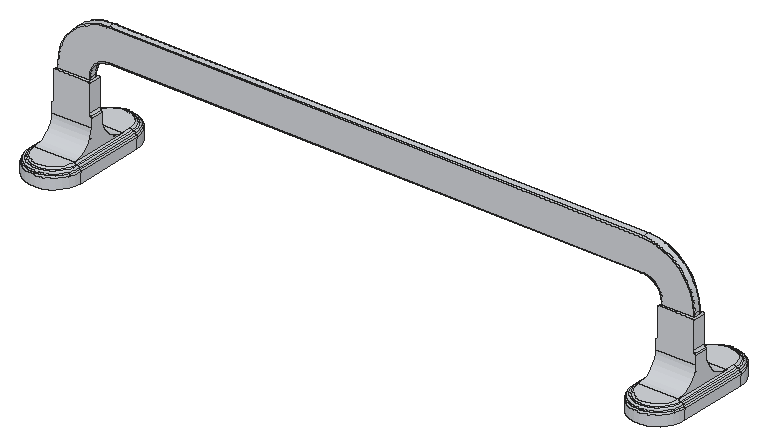
Revit family "Accessory-Towel_Bar-KOHLER-Industrial-K-26533", category Specialty Equipment, host Face, Revit 2021
Family settings
  Host = Face
  Round Connector Dimension = Use Diameter
  Part Type = Normal
  OmniClass Number = 23.31.25.25
  OmniClass Title = Towel Bars
  Cut with Voids When Loaded = No
  Shared = No
  Room Calculation Point = No
Parameters (values of type "CP-Polished Chrome")
  Width = 3 241/256"  # constant formula
  WaterSense Certified = 1 = 0  # no
  URL = "https://www.us.kohler.com/us/"
  Type = 3
  Product Page URL = "http://www.us.kohler.com/us/catalog/productDetails.jsp?productId=26533"
  Product Name = "Industrial"  # constant formula
  Product Documentation Link = "https://www.us.kohler.com/webassets/kpna/catalog/pdf/en/K-26533_spec_US-CA_Kohler_en.pdf"
  Model = if(Type = 1, "K-26533-2BZ", if(Type = 2, "K-26533-BN", if(Type = 3, "K-26533-CP", "NA")))  # "K-26533-CP"
  Material = "Premium Metal Construction"  # constant formula
  Master Format 2014 Name = "Toilet, Bath, and Laundry Accessories"  # constant formula
  Master Format 2014 = "10 28 00"  # constant formula
  Manufacturer Address = "444 Highland Dr, Kohler, WI 53044"  # constant formula
  Manufacturer = "Kohler Co."  # constant formula
  Length = 19 37/64"  # constant formula
  Height = 3 85/128"  # constant formula
  Finish = Kohler-Metal-CP-Polished_Chrome
  Environmental Product Declaration = ""
  Description = "18Inch towel bar"  # constant formula
  Default Elevation = 42"
  Declare Label = ""
  Date Modified = "01/02/2023"  # constant formula
  Date Created = "01/02/2023"  # constant formula
  Copyright = "Copyright Kohler Co."  # constant formula
  Contact Us = "https://www.us.kohler.com/us/static/contact.jsp"
  Assembly Code = "C1030200"
  ADA Compliant = 1 = 0  # no
Types (4): name | Type | Model | Finish
  (no name) | 3 | "K-26533-CP" | Kohler-Metal-CP-Polished_Chrome
  2BZ-Oil Rubbed Bronze | 1 | "K-26533-2BZ" | Kohler-Metal-2BZ-Oil_Rubbed_Bronze
  BN-Vibrant Brushed Nickel | 2 | "K-26533-BN" | Kohler-Metal-BN-Vibrant_Brushed_Nickel
  CP-Polished Chrome | 3 | "K-26533-CP" | Kohler-Metal-CP-Polished_Chrome
Reference planes (in)
  plane 1 "Center (Front/Back)": y = 0
  plane 2: z = 0
  plane 3 "Center (Left/Right)": x = 0
  plane 4: y = 2.0369
  plane 5: y = -1.62716
  plane 6: x = -9.78937
  plane 7: x = 9.78875
  plane 8: x = -8.21063
  plane 9: x = 8.21063
  plane 10: y = 0.11811
  plane 11: y = -0.11811
  plane 12: x = -9
  plane 13: x = 9
  plane 14: z = 3.94141
  plane 15: z = 2.95715
Dimensions and locks (in)
  "Length": plane 6 to plane 7
  "Height": plane 4 to plane 5
  "Width": level to plane 14
  plane 6 to plane 8 = 1.57874"
  plane 10 to plane 11 = 0.23622"
  plane 14 to level = 3 241/256"
  plane 14 to plane 15 = 0.98425"
  plane 12 to plane 13 = 18"
  aligned and locked: plane 2 to host face
  aligned and locked: level to host face
  aligned and locked: plane 3 "Center (Left/Right)" to nested 1
  aligned and locked: plane 1 "Center (Front/Back)" to nested 1
Automatic sketch dimensions
  host sketch curve to host sketch curve = 96"  (x2)
Nested families (in)
  nested 1: "K-26533" at (0, 0, 0), type "K-26533"
Definition of nested family "K-26533"
  Parameters
    Material = none
    Default Elevation = 0"
  Reference planes (in)
    plane 1 "Center (Front/Back)": y = 0
    plane 2: z = 0
    plane 3 "Center (Left/Right)": x = 0
    plane 4: x = -9.78937
    plane 5: x = 9.78937
    plane 6: x = -8.21063
    plane 7: x = 8.21063
    plane 8: y = -0.11811
    plane 9: y = 0.11811
    plane 10: x = -9
    plane 11: x = 9
    plane 12: z = 3.94094
    plane 13: z = 2.95669
    plane 14: y = 2.0369
    plane 15: y = -1.62809
  Forms (in)
    Sweep 1, solid, material <- "Material", detail levels medium+fine
      path origin (0, 0, 0) x (1, 0, 0) y (0, 1, 0)
        loop
          line (-9.78937, 1.25143) -> (-9.78937, -0.83661)
          arc (-9.78937, -0.83661) -> (-9, -1.62598) -> (-8.21063, -0.83661) r 0.78937
          line (-8.21063, -0.83661) -> (-8.21063, 1.25143)
          arc (-8.21063, 1.25143) -> (-9, 2.0408) -> (-9.78937, 1.25143) r 0.78937
      profile origin (-8.21063, -0.83661, 0) x (-1, 0, 0) y (0, 0, 1)
        loop
          line (0, 0.30674) -> (0, 0) -> (0.24274, 0) -> (0.24274, 0.48854) -> (0.19914, 0.48854)
          arc (0.19914, 0.48854) -> (0.17455, 0.46857) -> (0.15303, 0.44532) r 0.22303
          arc (0.15303, 0.44532) -> (0.12799, 0.42735) -> (0.09727, 0.425) r 0.05716
          arc (0.09727, 0.425) -> (0.06244, 0.41536) -> (0.04943, 0.38165) r 0.04018
          arc (0.04943, 0.38165) -> (0.04434, 0.35985) -> (0.02701, 0.34568) r 0.03477
          arc (0.02701, 0.34568) -> (0.00741, 0.33043) -> (0, 0.30674) r 0.04157
    Sweep 2, solid, material <- "Material", detail levels medium+fine
      path origin (0, 0, 0) x (-1, 0, 0) y (0, -1, 0)
        loop
          arc (-9.78937, -1.25143) -> (-9, -2.0408) -> (-8.21063, -1.25143) r 0.78937
          line (-8.21063, -1.25143) -> (-8.21063, 0.83661)
          arc (-8.21063, 0.83661) -> (-9, 1.62598) -> (-9.78937, 0.83661) r 0.78937
          line (-9.78937, 0.83661) -> (-9.78937, -1.25143)
      profile origin (8.21063, -0.83661, 0) x (-1, 0, 0) y (0, 0, 1)
        loop
          arc (0, 0.30674) -> (-0.00741, 0.33043) -> (-0.02701, 0.34568) r 0.04157
          arc (-0.02701, 0.34568) -> (-0.04434, 0.35985) -> (-0.04943, 0.38165) r 0.03477
          arc (-0.04943, 0.38165) -> (-0.06244, 0.41536) -> (-0.09727, 0.425) r 0.04018
          arc (-0.09727, 0.425) -> (-0.12799, 0.42735) -> (-0.15303, 0.44532) r 0.05716
          arc (-0.15303, 0.44532) -> (-0.17455, 0.46857) -> (-0.19914, 0.48854) r 0.22303
          line (-0.19914, 0.48854) -> (-0.24274, 0.48854) -> (-0.24274, 0) -> (0, 0) -> (0, 0.30674)
    Extrusion 3, solid, material <- "Material", detail levels medium+fine
      sketch origin (0, 0, 0) x (1, 0, 0) y (0, 1, 0)
        loop
          arc (-8.45337, 1.25143) -> (-9, 1.79806) -> (-9.54663, 1.25143) r 0.54663
          line (-9.54663, 1.25143) -> (-9.54663, -0.83661)
          arc (-9.54663, -0.83661) -> (-9, -1.38324) -> (-8.45337, -0.83661) r 0.54663
          line (-8.45337, -0.83661) -> (-8.45337, 1.25143)
        loop
          line (8.45337, 1.25143) -> (8.45337, -0.83661)
          arc (8.45337, -0.83661) -> (9, -1.38324) -> (9.54663, -0.83661) r 0.54663
          line (9.54663, -0.83661) -> (9.54663, 1.25143)
          arc (9.54663, 1.25143) -> (9, 1.79806) -> (8.45337, 1.25143) r 0.54663
      from 0 to 0.48854
    Extrusion 4, solid, material <- "Material", detail levels medium+fine
      sketch origin (0, 0, 0) x (1, 0, 0) y (0, 0, 1)
        loop
          line (-8.97187, 2.32506) -> (-9.49078, 2.32506)
          arc (-9.49078, 2.32506) -> (-9.5197, 2.31308) -> (-9.53167, 2.28416) r 0.0409
          line (-9.53167, 2.28416) -> (-9.53167, 1.49676)
          arc (-9.53167, 1.49676) -> (-9.54217, 1.44915) -> (-9.57171, 1.41036) r 0.11323
          arc (-9.57171, 1.41036) -> (-9.58798, 1.38901) -> (-9.59376, 1.3628) r 0.06234
          line (-9.59376, 1.3628) -> (-9.59376, 0.22515) -> (-9.04016, 0.22515) -> (-8.40624, 0.22515) -> (-8.40624, 1.3628)
          arc (-8.40624, 1.3628) -> (-8.41202, 1.38901) -> (-8.42829, 1.41036) r 0.06234
          arc (-8.42829, 1.41036) -> (-8.45783, 1.44915) -> (-8.46833, 1.49676) r 0.11323
          line (-8.46833, 1.49676) -> (-8.46833, 2.28416)
          arc (-8.46833, 2.28416) -> (-8.4803, 2.31308) -> (-8.50922, 2.32506) r 0.0409
          line (-8.50922, 2.32506) -> (-8.97187, 2.32506)
      from -0.19001 to 0.18557
    Extrusion 5, solid, material <- "Material", detail levels medium+fine
      sketch origin (0, 0, 0) x (-1, 0, 0) y (0, 0, -1)
        loop
          line (-8.97187, -2.32506) -> (-8.50922, -2.32506)
          arc (-8.50922, -2.32506) -> (-8.4803, -2.31308) -> (-8.46833, -2.28416) r 0.0409
          line (-8.46833, -2.28416) -> (-8.46833, -1.49676)
          arc (-8.46833, -1.49676) -> (-8.45783, -1.44915) -> (-8.42829, -1.41036) r 0.11323
          arc (-8.42829, -1.41036) -> (-8.41202, -1.38901) -> (-8.40624, -1.3628) r 0.06234
          line (-8.40624, -1.3628) -> (-8.40624, -0.22515) -> (-9.04016, -0.22515) -> (-9.59376, -0.22515) -> (-9.59376, -1.3628)
          arc (-9.59376, -1.3628) -> (-9.58798, -1.38901) -> (-9.57171, -1.41036) r 0.06234
          arc (-9.57171, -1.41036) -> (-9.54217, -1.44915) -> (-9.53167, -1.49676) r 0.11323
          line (-9.53167, -1.49676) -> (-9.53167, -2.28416)
          arc (-9.53167, -2.28416) -> (-9.5197, -2.31308) -> (-9.49078, -2.32506) r 0.0409
          line (-9.49078, -2.32506) -> (-8.97187, -2.32506)
      from -0.19001 to 0.18557
    Extrusion 6, solid, material <- "Material", detail levels medium+fine
      sketch origin (0, 0, 0) x (0, 1, 0) y (0, 0, 1)
        loop
          line (-0.18557, 0.48854) -> (-0.18557, 1.11807)
          arc (-0.18557, 1.11807) -> (-0.36996, 0.67292) -> (-0.81511, 0.48854) r 0.62953
          line (-0.81511, 0.48854) -> (-0.18557, 0.48854)
      from 8.40624 to 9.59376
    Extrusion 7, solid, material <- "Material", detail levels medium+fine
      sketch origin (0, 0, 0) x (0, 1, 0) y (0, 0, -1)
        loop
          line (-0.18557, -0.48854) -> (-0.81511, -0.48854)
          arc (-0.81511, -0.48854) -> (-0.36996, -0.67292) -> (-0.18557, -1.11807) r 0.62953
          line (-0.18557, -1.11807) -> (-0.18557, -0.48854)
      from 8.40624 to 9.59376
    Extrusion 8, solid, material <- "Material", detail levels medium+fine
      sketch origin (0, 0, 0) x (0, 1, 0) y (0, 0, 1)
        loop
          line (0.19001, 0.48854) -> (0.97741, 0.48854)
          arc (0.97741, 0.48854) -> (0.42063, 0.71916) -> (0.19001, 1.27594) r 0.7874
          line (0.19001, 1.27594) -> (0.19001, 0.48854)
      from 8.40624 to 9.59376
    Extrusion 9, solid, material <- "Material", detail levels medium+fine
      sketch origin (0, 0, 0) x (0, 1, 0) y (0, 0, -1)
        loop
          line (0.19001, -0.48854) -> (0.19001, -1.27594)
          arc (0.19001, -1.27594) -> (0.42063, -0.71916) -> (0.97741, -0.48854) r 0.7874
          line (0.97741, -0.48854) -> (0.19001, -0.48854)
      from 8.40624 to 9.59376
    Extrusion 10, solid, material <- "Material", detail levels coarse
      sketch origin (0, 0, 0) x (1, 0, 0) y (0, 1, 0)
        loop
          line (-8.16757, -0.83661) -> (-8.16757, 1.25143)
          arc (-8.16757, 1.25143) -> (-9.00308, 2.08694) -> (-9.83858, 1.25143) r 0.83551
          line (-9.83858, 1.25143) -> (-9.83858, -0.83661)
          arc (-9.83858, -0.83661) -> (-9.00308, -1.67212) -> (-8.16757, -0.83661) r 0.83551
      from 0 to 0.51565
    Extrusion 11, solid, material <- "Material", detail levels coarse
      sketch origin (0, 0, 0) x (-1, 0, 0) y (0, -1, 0)
        loop
          arc (-8.16757, 0.83661) -> (-9.00308, 1.67212) -> (-9.83858, 0.83661) r 0.83551
          line (-9.83858, 0.83661) -> (-9.83858, -1.25143)
          arc (-9.83858, -1.25143) -> (-9.00308, -2.08694) -> (-8.16757, -1.25143) r 0.83551
          line (-8.16757, -1.25143) -> (-8.16757, 0.83661)
      from 0 to 0.51565
    Extrusion 12, solid, material <- "Material", detail levels coarse
      sketch origin (0, 0, 0) x (1, 0, 0) y (0, 0, 1)
        loop
          line (-9.66308, 2.41081) -> (-9.66308, 0.45799) -> (-8.34923, 0.45799) -> (-8.34923, 2.41081) -> (-9.66308, 2.41081)
      from -0.87624 to 0.79136
    Extrusion 13, solid, material <- "Material", detail levels coarse
      sketch origin (0, 0, 0) x (-1, 0, 0) y (0, 0, -1)
        loop
          line (-9.66308, -2.41081) -> (-8.34923, -2.41081) -> (-8.34923, -0.45799) -> (-9.66308, -0.45799) -> (-9.66308, -2.41081)
      from -0.87624 to 0.79136
    Extrusion 14, solid, material <- "Material", detail levels coarse
      sketch origin (0, 0, 0) x (1, 0, 0) y (0, 0, 1)
        loop
          line (-8.40415, 2.3616) -> (-8.40415, 2.63741)
          arc (-8.40415, 2.63741) -> (-8.32505, 2.82838) -> (-8.13408, 2.90748) r 0.27007
          line (-8.13408, 2.90748) -> (-0.05586, 2.90748) -> (8.13408, 2.90748)
          arc (8.13408, 2.90748) -> (8.32505, 2.82838) -> (8.40415, 2.63741) r 0.27007
          line (8.40415, 2.63741) -> (8.40415, 2.3616) -> (9.59585, 2.3616) -> (9.59585, 2.49262)
          arc (9.59585, 2.49262) -> (9.15723, 3.55154) -> (8.09832, 3.99016) r 1.49753
          line (8.09832, 3.99016) -> (-0.02833, 3.99016) -> (-8.09832, 3.99016)
          arc (-8.09832, 3.99016) -> (-9.15723, 3.55154) -> (-9.59585, 2.49262) r 1.49753
          line (-9.59585, 2.49262) -> (-9.59585, 2.3616) -> (-8.40415, 2.3616)
      from -0.22731 to 0.21999
    Sweep 15, solid, material <- "Material", detail levels medium+fine
      path origin (0, 0, 0) x (1, 0, 0) y (0, 0, 1)
        loop
          line (-8.50704, 2.32506) -> (-8.50704, 2.40985)
          arc (-8.50704, 2.40985) -> (-8.34687, 2.79653) -> (-7.96019, 2.95669) r 0.54685
          line (-7.96019, 2.95669) -> (7.96019, 2.95669)
          arc (7.96019, 2.95669) -> (8.34687, 2.79653) -> (8.50704, 2.40985) r 0.54685
          line (8.50704, 2.40985) -> (8.50704, 2.32506)
      profile origin (0, 0, 2.95669) x (0, 0, 1) y (0, -1, 0)
        loop
          line (0.02165, -0.11811) -> (0.96246, -0.11811)
          arc (0.96246, -0.11811) -> (0.97787, -0.11173) -> (0.98425, -0.09632) r 0.02179
          line (0.98425, -0.09632) -> (0.98425, 0.09646)
          arc (0.98425, 0.09646) -> (0.97791, 0.11177) -> (0.9626, 0.11811) r 0.02165
          line (0.9626, 0.11811) -> (0.02165, 0.11811)
          arc (0.02165, 0.11811) -> (0.00634, 0.11177) -> (0, 0.09646) r 0.02165
          line (0, 0.09646) -> (0, -0.09646)
          arc (0, -0.09646) -> (0.00634, -0.11177) -> (0.02165, -0.11811) r 0.02165
  Cuts and joins
    joined: Sweep 1, Sweep 2, Extrusion 3, Extrusion 4, Extrusion 5, Extrusion 6, Extrusion 7, Extrusion 8, Extrusion 9
    joined: Extrusion 10, Extrusion 11, Extrusion 12, Extrusion 13, Extrusion 14
  Lines and regions (in)
    Masking region 1
      outline origin (0, 0, 0) x (1, 0, 0) y (0, 0, 1)
        loop
          line (-9.78937, 0) -> (-9, 0) -> (-8.21063, 0) -> (-8.21063, 0.2989)
          arc (-8.21063, 0.2989) -> (-8.21943, 0.32856) -> (-8.24299, 0.34862) r 0.05438
          arc (-8.24299, 0.34862) -> (-8.25988, 0.36325) -> (-8.26568, 0.38484) r 0.03815
          arc (-8.26568, 0.38484) -> (-8.27621, 0.41301) -> (-8.30358, 0.42549) r 0.0393
          line (-8.30358, 0.42549) -> (-8.33518, 0.42549)
          arc (-8.33518, 0.42549) -> (-8.35816, 0.43501) -> (-8.36768, 0.45799) r 0.0325
          line (-8.36768, 0.45799) -> (-8.36768, 1.30247)
          arc (-8.36768, 1.30247) -> (-8.37763, 1.33994) -> (-8.40484, 1.36754) r 0.07554
          arc (-8.40484, 1.36754) -> (-8.44535, 1.41402) -> (-8.44997, 1.4755) r 0.09772
          line (-8.44997, 1.4755) -> (-8.44997, 2.36961)
          arc (-8.44997, 2.36961) -> (-8.46039, 2.39712) -> (-8.48643, 2.41081) r 0.0415
          arc (-8.48643, 2.41081) -> (-8.50286, 2.42009) -> (-8.50791, 2.43826) r 0.02465
          arc (-8.50791, 2.43826) -> (-8.50197, 2.52389) -> (-8.49471, 2.60942) r 5.56738
          arc (-8.49471, 2.60942) -> (-8.4652, 2.73186) -> (-8.40209, 2.84085) r 0.43826
          arc (-8.40209, 2.84085) -> (-8.36726, 2.87437) -> (-8.32472, 2.89734) r 0.1789
          arc (-8.32472, 2.89734) -> (-8.16414, 2.94173) -> (-7.9982, 2.95669) r 0.9278
          line (-7.9982, 2.95669) -> (-0.26888, 2.95669) -> (7.9982, 2.95669)
          arc (7.9982, 2.95669) -> (8.16414, 2.94173) -> (8.32472, 2.89734) r 0.9278
          arc (8.32472, 2.89734) -> (8.36726, 2.87437) -> (8.40209, 2.84085) r 0.1789
          arc (8.40209, 2.84085) -> (8.4652, 2.73186) -> (8.49471, 2.60942) r 0.43826
          arc (8.49471, 2.60942) -> (8.50197, 2.52389) -> (8.50791, 2.43826) r 5.56738
          arc (8.50791, 2.43826) -> (8.50286, 2.42009) -> (8.48643, 2.41081) r 0.02465
          arc (8.48643, 2.41081) -> (8.46039, 2.39712) -> (8.44997, 2.36961) r 0.0415
          line (8.44997, 2.36961) -> (8.44997, 1.4755)
          arc (8.44997, 1.4755) -> (8.44535, 1.41402) -> (8.40484, 1.36754) r 0.09772
          arc (8.40484, 1.36754) -> (8.37763, 1.33994) -> (8.36768, 1.30247) r 0.07554
          line (8.36768, 1.30247) -> (8.36768, 0.45799)
          arc (8.36768, 0.45799) -> (8.35816, 0.43501) -> (8.33518, 0.42549) r 0.0325
          line (8.33518, 0.42549) -> (8.30358, 0.42549)
          arc (8.30358, 0.42549) -> (8.27621, 0.41301) -> (8.26568, 0.38484) r 0.0393
          arc (8.26568, 0.38484) -> (8.25988, 0.36325) -> (8.24299, 0.34862) r 0.03815
          arc (8.24299, 0.34862) -> (8.21943, 0.32856) -> (8.21063, 0.2989) r 0.05438
          line (8.21063, 0.2989) -> (8.21063, 0) -> (9, 0) -> (9.78937, 0) -> (9.78937, 0.2989)
          arc (9.78937, 0.2989) -> (9.78057, 0.32856) -> (9.75701, 0.34862) r 0.05438
          arc (9.75701, 0.34862) -> (9.74012, 0.36325) -> (9.73432, 0.38484) r 0.03815
          arc (9.73432, 0.38484) -> (9.72379, 0.41301) -> (9.69642, 0.42549) r 0.0393
          line (9.69642, 0.42549) -> (9.66482, 0.42549)
          arc (9.66482, 0.42549) -> (9.64184, 0.43501) -> (9.63232, 0.45799) r 0.0325
          line (9.63232, 0.45799) -> (9.63232, 1.30247)
          arc (9.63232, 1.30247) -> (9.62237, 1.33994) -> (9.59516, 1.36754) r 0.07554
          arc (9.59516, 1.36754) -> (9.55465, 1.41402) -> (9.55003, 1.4755) r 0.09772
          line (9.55003, 1.4755) -> (9.55003, 2.36961)
          arc (9.55003, 2.36961) -> (9.53961, 2.39712) -> (9.51357, 2.41081) r 0.0415
          arc (9.51357, 2.41081) -> (9.49743, 2.41973) -> (9.492, 2.43736) r 0.02465
          arc (9.492, 2.43736) -> (9.16497, 3.45645) -> (8.21063, 3.94094) r 1.38981
          line (8.21063, 3.94094) -> (-0.2439, 3.94094) -> (-8.21063, 3.94094)
          arc (-8.21063, 3.94094) -> (-9.16497, 3.45645) -> (-9.492, 2.43736) r 1.38981
          arc (-9.492, 2.43736) -> (-9.49743, 2.41973) -> (-9.51357, 2.41081) r 0.02465
          arc (-9.51357, 2.41081) -> (-9.53961, 2.39712) -> (-9.55003, 2.36961) r 0.0415
          line (-9.55003, 2.36961) -> (-9.55003, 1.4755)
          arc (-9.55003, 1.4755) -> (-9.55465, 1.41402) -> (-9.59516, 1.36754) r 0.09772
          arc (-9.59516, 1.36754) -> (-9.62237, 1.33994) -> (-9.63232, 1.30247) r 0.07554
          line (-9.63232, 1.30247) -> (-9.63232, 0.45799)
          arc (-9.63232, 0.45799) -> (-9.64184, 0.43501) -> (-9.66482, 0.42549) r 0.0325
          line (-9.66482, 0.42549) -> (-9.69642, 0.42549)
          arc (-9.69642, 0.42549) -> (-9.72379, 0.41301) -> (-9.73432, 0.38484) r 0.0393
          arc (-9.73432, 0.38484) -> (-9.74012, 0.36325) -> (-9.75701, 0.34862) r 0.03815
          arc (-9.75701, 0.34862) -> (-9.78057, 0.32856) -> (-9.78937, 0.2989) r 0.05438
          line (-9.78937, 0.2989) -> (-9.78937, 0)
    Masking region 2
      outline origin (0, 0, 0) x (1, 0, 0) y (0, 1, 0)
        loop
          line (-9.78937, 1.25143) -> (-9.78937, -0.83661)
          arc (-9.78937, -0.83661) -> (-9, -1.62598) -> (-8.21063, -0.83661) r 0.78937
          line (-8.21063, -0.83661) -> (-8.21063, -0.11811) -> (8.21063, -0.11811) -> (8.21063, -0.83661)
          arc (8.21063, -0.83661) -> (9, -1.62598) -> (9.78937, -0.83661) r 0.78937
          line (9.78937, -0.83661) -> (9.78937, 1.25143)
          arc (9.78937, 1.25143) -> (9, 2.0408) -> (8.21063, 1.25143) r 0.78937
          line (8.21063, 1.25143) -> (8.21063, 0.11811) -> (-8.21063, 0.11811) -> (-8.21063, 1.25143)
          arc (-8.21063, 1.25143) -> (-9, 2.0408) -> (-9.78937, 1.25143) r 0.78937
    Masking region 3
      outline origin (0, 0, 0) x (0, 1, 0) y (0, 0, 1)
        loop
          line (0.01418, 3.94094) -> (-0.06292, 3.94094)
          arc (-0.06292, 3.94094) -> (-0.10195, 3.92478) -> (-0.11811, 3.88576) r 0.05519
          line (-0.11811, 3.88576) -> (-0.11811, 2.43076)
          arc (-0.11811, 2.43076) -> (-0.12388, 2.41684) -> (-0.1378, 2.41108) r 0.01969
          arc (-0.1378, 2.41108) -> (-0.17403, 2.40055) -> (-0.18974, 2.36624) r 0.04532
          line (-0.18974, 2.36624) -> (-0.18974, 1.31244)
          arc (-0.18974, 1.31244) -> (-0.20973, 1.07881) -> (-0.26911, 0.85196) r 1.37542
          arc (-0.26911, 0.85196) -> (-0.44689, 0.60394) -> (-0.72939, 0.48854) r 0.5511
          line (-0.72939, 0.48854) -> (-1.41603, 0.48854)
          arc (-1.41603, 0.48854) -> (-1.44207, 0.48061) -> (-1.45929, 0.45953) r 0.04676
          arc (-1.45929, 0.45953) -> (-1.48224, 0.4326) -> (-1.51667, 0.42446) r 0.05685
          arc (-1.51667, 0.42446) -> (-1.55906, 0.41096) -> (-1.57948, 0.37144) r 0.05812
          arc (-1.57948, 0.37144) -> (-1.58582, 0.35454) -> (-1.60005, 0.34345) r 0.03325
          arc (-1.60005, 0.34345) -> (-1.62043, 0.32686) -> (-1.62809, 0.30172) r 0.04507
          line (-1.62809, 0.30172) -> (-1.62809, 0) -> (2.0369, 0) -> (2.0369, 0.31743)
          arc (2.0369, 0.31743) -> (2.03128, 0.33405) -> (2.01672, 0.34384) r 0.02736
          arc (2.01672, 0.34384) -> (1.99758, 0.35743) -> (1.9918, 0.38017) r 0.03403
          arc (1.9918, 0.38017) -> (1.98148, 0.41176) -> (1.95112, 0.42526) r 0.04089
          line (1.95112, 0.42526) -> (1.91146, 0.42526)
          arc (1.91146, 0.42526) -> (1.8875, 0.43393) -> (1.87463, 0.45591) r 0.03746
          arc (1.87463, 0.45591) -> (1.86141, 0.47849) -> (1.83682, 0.48738) r 0.03845
          line (1.83682, 0.48738) -> (1.23017, 0.48738)
          arc (1.23017, 0.48738) -> (1.0451, 0.49644) -> (0.86188, 0.52404) r 1.84268
          arc (0.86188, 0.52404) -> (0.68267, 0.5763) -> (0.5147, 0.65775) r 1.11386
          arc (0.5147, 0.65775) -> (0.38113, 0.76576) -> (0.28392, 0.90738) r 0.59596
          arc (0.28392, 0.90738) -> (0.21359, 1.10451) -> (0.18974, 1.31244) r 0.91811
          line (0.18974, 1.31244) -> (0.18974, 2.36624)
          arc (0.18974, 2.36624) -> (0.17403, 2.40055) -> (0.1378, 2.41108) r 0.04532
          arc (0.1378, 2.41108) -> (0.12388, 2.41684) -> (0.11811, 2.43076) r 0.01969
          line (0.11811, 2.43076) -> (0.11811, 3.88576)
          arc (0.11811, 3.88576) -> (0.10195, 3.92478) -> (0.06292, 3.94094) r 0.05519
          line (0.06292, 3.94094) -> (0.01418, 3.94094)
    symbolic lines, detail levels medium+fine
      curve 1: arc (-9.59023, 1.25143, 0) -> (-9, 1.84166, 0) -> (-8.40977, 1.25143, 0) r 0.59023
      curve 2: line (-9.59376, 1.25143, 0) -> (-9.59376, -0.83661, 0)
      curve 3: line (-8.40624, -0.83661, 0) -> (-8.40624, -0.11811, 0)
      curve 4: arc (-8.40977, -0.83661, 0) -> (-9, -1.42684, 0) -> (-9.59023, -0.83661, 0) r 0.59023
      curve 5: line (-9.73597, 1.25143, 0) -> (-9.73597, -0.86565, 0)
      curve 6: line (-8.26403, 1.25143, 0) -> (-8.26403, 0.11811, 0)
      curve 7: arc (-8.26403, 1.25143, 0) -> (-9, 1.9874, 0) -> (-9.73597, 1.25143, 0) r 0.73597
      curve 8: arc (-9.73597, -0.86565, 0) -> (-9, -1.60162, 0) -> (-8.26403, -0.86565, 0) r 0.73597
      curve 9: line (-8.40624, 0.19001, 0) -> (-9.59376, 0.19001, 0)
      curve 10: line (-9.59376, -0.18557, 0) -> (-8.40624, -0.18557, 0)
      curve 11: line (-9.48092, 0.19001, 0) -> (-9.48092, -0.18557, 0)
      curve 12: line (-8.51908, 0.19001, 0) -> (-8.51908, 0.11811, 0)
      curve 13: line (9.48092, 0.11811, 0) -> (-9.48092, 0.11811, 0)
      curve 14: line (-9.48092, -0.11811, 0) -> (9.48092, -0.11811, 0)
      curve 15: line (-8.51908, -0.11811, 0) -> (-8.51908, -0.18557, 0)
      curve 16: line (9.48092, -0.18557, 0) -> (9.48092, 0.19001, 0)
      curve 17: line (9.59376, 0.19001, 0) -> (8.40624, 0.19001, 0)
      curve 18: line (8.40624, -0.18557, 0) -> (9.59376, -0.18557, 0)
      curve 19: line (8.51908, -0.18557, 0) -> (8.51908, -0.11811, 0)
      curve 20: line (8.51908, 0.11811, 0) -> (8.51908, 0.19001, 0)
      curve 21: line (-8.40624, 0.11811, 0) -> (-8.40624, 1.25143, 0)
      curve 22: line (-8.26403, -0.11811, 0) -> (-8.26403, -0.86565, 0)
      curve 23: arc (9.59023, 1.25143, 0) -> (9, 1.84166, 0) -> (8.40977, 1.25143, 0) r 0.59023
      curve 24: line (9.59376, 1.25143, 0) -> (9.59376, -0.83661, 0)
      curve 25: line (8.40624, -0.83661, 0) -> (8.40624, -0.11811, 0)
      curve 26: arc (8.40977, -0.83661, 0) -> (9, -1.42684, 0) -> (9.59023, -0.83661, 0) r 0.59023
      curve 27: line (9.73597, 1.25143, 0) -> (9.73597, -0.86565, 0)
      curve 28: line (8.26403, 1.25143, 0) -> (8.26403, 0.11811, 0)
      curve 29: arc (8.26403, 1.25143, 0) -> (9, 1.9874, 0) -> (9.73597, 1.25143, 0) r 0.73597
      curve 30: arc (9.73597, -0.86565, 0) -> (9, -1.60162, 0) -> (8.26403, -0.86565, 0) r 0.73597
      curve 31: line (8.40624, 0.11811, 0) -> (8.40624, 1.25143, 0)
      curve 32: line (8.26403, -0.11811, 0) -> (8.26403, -0.86565, 0)
      curve 33: line (-9.48092, 0.0904, 0) -> (9.48092, 0.0904, 0)
      curve 34: line (-9.48092, -0.0904, 0) -> (9.48092, -0.0904, 0)
      curve 35: line (-9.45064, 0.0904, 0) -> (-9.45064, -0.0904, 0)
      curve 36: line (9.45064, 0.0904, 0) -> (9.45064, -0.0904, 0)
      curve 37: line (-9.72171, 0, 0.38484) -> (-8.27829, 0, 0.38484)
      curve 38: line (-9.49299, 0, 2.41081) -> (-8.50684, 0, 2.41081)
      curve 39: line (-9.5333, 0, 2.36961) -> (-8.4667, 0, 2.36961)
      curve 40: line (-9.62085, 0, 0.45799) -> (-8.37915, 0, 0.45799)
      curve 41: line (-9.73859, 0, 0.34862) -> (-8.26141, 0, 0.34862)
      curve 42: line (-9.77081, 0, 0.30845) -> (-9.77081, 0, 0)
      curve 43: arc (-9.74822, 0, 0.34289) -> (-9.72843, 0, 0.35989) -> (-9.72172, 0, 0.3851) r 0.04411
      curve 44: line (-9.69121, 0, 0.41684) -> (-9.65472, 0, 0.41684)
      curve 45: arc (-9.65472, 0, 0.41684) -> (-9.62807, 0, 0.42942) -> (-9.62085, 0, 0.45799) r 0.03452
      curve 46: arc (-9.72172, 0, 0.3851) -> (-9.71322, 0, 0.40747) -> (-9.69121, 0, 0.41684) r 0.03053
      curve 47: line (-9.62085, 0, 0.45799) -> (-9.62085, 0, 1.29938)
      curve 48: arc (-9.62085, 0, 1.29938) -> (-9.61148, 0, 1.33355) -> (-9.586, 0, 1.35817) r 0.06702
      curve 49: arc (-9.586, 0, 1.35817) -> (-9.54077, 0, 1.40706) -> (-9.53412, 0, 1.47334) r 0.10481
      curve 50: line (-9.53412, 0, 1.47334) -> (-9.53412, 0, 2.36057)
      curve 51: arc (-9.53412, 0, 2.36057) -> (-9.52433, 0, 2.39037) -> (-9.49876, 0, 2.40856) r 0.05024
      curve 52: arc (-8.57442, 0, 3.85486) -> (-9.25436, 0, 3.30231) -> (-9.46862, 0, 2.45277) r 1.38981
      curve 53: arc (-9.46862, 0, 2.45277) -> (-9.47597, 0, 2.4254) -> (-9.49876, 0, 2.40856) r 0.04298
      curve 54: line (0, 0, 3.91634) -> (-8.23821, 0, 3.91634)
      curve 55: arc (-8.23821, 0, 3.91634) -> (-8.4091, 0, 3.90084) -> (-8.57442, 0, 3.85486) r 0.95001
      curve 56: line (-8.22765, 0, 0.30124) -> (-8.22765, 0, 0)
      curve 57: arc (-8.22765, 0, 0.30124) -> (-8.23591, 0, 0.32829) -> (-8.25787, 0, 0.34612) r 0.04844
      curve 58: arc (-8.25787, 0, 0.34612) -> (-8.27329, 0, 0.36289) -> (-8.27828, 0, 0.3851) r 0.04411
      curve 59: line (-8.30879, 0, 0.41684) -> (-8.34528, 0, 0.41684)
      curve 60: arc (-8.34528, 0, 0.41684) -> (-8.37193, 0, 0.42942) -> (-8.37915, 0, 0.45799) r 0.03452
      curve 61: arc (-8.27828, 0, 0.3851) -> (-8.28678, 0, 0.40747) -> (-8.30879, 0, 0.41684) r 0.03053
      curve 62: line (-8.37915, 0, 0.45799) -> (-8.37915, 0, 1.29938)
      curve 63: arc (-8.37915, 0, 1.29938) -> (-8.38852, 0, 1.33355) -> (-8.414, 0, 1.35817) r 0.06702
      curve 64: arc (-8.414, 0, 1.35817) -> (-8.45923, 0, 1.40706) -> (-8.46588, 0, 1.47334) r 0.10481
      curve 65: line (-8.46588, 0, 1.47334) -> (-8.46588, 0, 2.36057)
      curve 66: line (-8.36813, 0, 0.42549) -> (-9.63187, 0, 0.42549)
      curve 67: arc (-8.46588, 0, 2.36057) -> (-8.47777, 0, 2.39303) -> (-8.50783, 0, 2.41012) r 0.05024
      curve 68: arc (-8.50783, 0, 2.41012) -> (-8.51693, 0, 2.42112) -> (-8.51841, 0, 2.43531) r 0.02465
      curve 69: arc (-8.50394, 0, 2.62788) -> (-8.47443, 0, 2.75031) -> (-8.41132, 0, 2.8593) r 0.43826
      curve 70: arc (-8.51841, 0, 2.43531) -> (-8.51201, 0, 2.53166) -> (-8.50394, 0, 2.62788) r 5.56738
      curve 71: arc (-8.33395, 0, 2.91579) -> (-8.17337, 0, 2.96019) -> (-8.00743, 0, 2.97515) r 0.9278
      curve 72: arc (-8.41132, 0, 2.8593) -> (-8.37649, 0, 2.89282) -> (-8.33395, 0, 2.91579) r 0.1789
      curve 73: line (-8.00743, 0, 2.97515) -> (0, 0, 2.97515)
      curve 74: line (-9.78937, 0, 0.02282) -> (-8.21063, 0, 0.02282)
      curve 75: line (9.72171, 0, 0.38484) -> (8.27829, 0, 0.38484)
      curve 76: line (9.49299, 0, 2.41081) -> (8.50633, 0, 2.41081)
      curve 77: line (9.5333, 0, 2.36961) -> (8.4667, 0, 2.36961)
      curve 78: line (9.62085, 0, 0.45799) -> (8.37915, 0, 0.45799)
      curve 79: line (9.73859, 0, 0.34862) -> (8.26141, 0, 0.34862)
      curve 80: line (9.77081, 0, 0.30124) -> (9.77081, 0, 0)
      curve 81: arc (9.77081, 0, 0.30124) -> (9.76386, 0, 0.32624) -> (9.74502, 0, 0.34406) r 0.04844
      curve 82: arc (9.74517, 0, 0.34435) -> (9.72756, 0, 0.36134) -> (9.72172, 0, 0.3851) r 0.04411
      curve 83: line (9.69121, 0, 0.41684) -> (9.65472, 0, 0.41684)
      curve 84: arc (9.65472, 0, 0.41684) -> (9.62807, 0, 0.42942) -> (9.62085, 0, 0.45799) r 0.03452
      curve 85: arc (9.72172, 0, 0.3851) -> (9.71322, 0, 0.40747) -> (9.69121, 0, 0.41684) r 0.03053
      curve 86: line (9.62085, 0, 0.45799) -> (9.62085, 0, 1.29938)
      curve 87: arc (9.62085, 0, 1.29938) -> (9.61148, 0, 1.33355) -> (9.586, 0, 1.35817) r 0.06702
      curve 88: arc (9.586, 0, 1.35817) -> (9.54769, 0, 1.41018) -> (9.53412, 0, 1.47334) r 0.15375
      curve 89: line (9.53412, 0, 1.47334) -> (9.53412, 0, 2.36057)
      curve 90: arc (9.53412, 0, 2.36057) -> (9.52433, 0, 2.39037) -> (9.49876, 0, 2.40856) r 0.05024
      curve 91: arc (8.57442, 0, 3.85486) -> (9.25436, 0, 3.30231) -> (9.46862, 0, 2.45277) r 1.38981
      curve 92: arc (9.46862, 0, 2.45277) -> (9.47597, 0, 2.4254) -> (9.49876, 0, 2.40856) r 0.04298
      curve 93: line (0, 0, 3.91634) -> (8.23821, 0, 3.91634)
      curve 94: line (8.22765, 0, 0.30124) -> (8.22765, 0, 0)
      curve 95: arc (8.22765, 0, 0.30124) -> (8.23591, 0, 0.32829) -> (8.25787, 0, 0.34612) r 0.04844
      curve 96: arc (8.25787, 0, 0.34612) -> (8.27329, 0, 0.36289) -> (8.27828, 0, 0.3851) r 0.04411
      curve 97: line (8.30879, 0, 0.41684) -> (8.34528, 0, 0.41684)
      curve 98: arc (8.34528, 0, 0.41684) -> (8.37193, 0, 0.42942) -> (8.37915, 0, 0.45799) r 0.03452
      curve 99: arc (8.27828, 0, 0.3851) -> (8.28678, 0, 0.40747) -> (8.30879, 0, 0.41684) r 0.03053
      curve 100: line (8.37915, 0, 0.45799) -> (8.37915, 0, 1.29938)
      curve 101: arc (8.37915, 0, 1.29938) -> (8.38852, 0, 1.33355) -> (8.414, 0, 1.35817) r 0.06702
      curve 102: arc (8.414, 0, 1.35817) -> (8.45231, 0, 1.41018) -> (8.46588, 0, 1.47334) r 0.15375
      curve 103: line (8.46588, 0, 1.47334) -> (8.46588, 0, 2.36057)
      curve 104: line (8.36813, 0, 0.42549) -> (9.63187, 0, 0.42549)
      curve 105: arc (8.46588, 0, 2.36057) -> (8.47566, 0, 2.39035) -> (8.50118, 0, 2.40854) r 0.05024
      curve 106: arc (8.50394, 0, 2.62788) -> (8.47443, 0, 2.75031) -> (8.41132, 0, 2.8593) r 0.43826
      curve 107: arc (8.51851, 0, 2.43355) -> (8.51208, 0, 2.53078) -> (8.50394, 0, 2.62788) r 5.56738
      curve 108: arc (8.33395, 0, 2.91579) -> (8.17337, 0, 2.96019) -> (8.00743, 0, 2.97515) r 0.9278
      curve 109: arc (8.41132, 0, 2.8593) -> (8.37649, 0, 2.89282) -> (8.33395, 0, 2.91579) r 0.1789
      curve 110: line (8.00743, 0, 2.97515) -> (0, 0, 2.97515)
      curve 111: line (9.78937, 0, 0.02282) -> (8.21063, 0, 0.02282)
      curve 112: arc (8.50118, 0, 2.40854) -> (8.51415, 0, 2.41806) -> (8.51851, 0, 2.43355) r 0.02472
      curve 113: arc (-9.77081, 0, 0.30845) -> (-9.76466, 0, 0.32904) -> (-9.74822, 0, 0.34289) r 0.03755
      curve 114: line (0, 0.14441, 2.41108) -> (0, -0.14441, 2.41108)
      curve 115: line (0, 0.18974, 2.36624) -> (0, -0.18974, 2.36624)
      curve 116: line (0, 1.23017, 0.48738) -> (0, -0.91645, 0.48738)
      curve 117: line (0, 1.86232, 0.45591) -> (0, -1.43567, 0.45591)
      curve 118: line (0, 0.06292, 3.94094) -> (0, 0.06292, 2.41108)
      curve 119: line (0, -0.06292, 3.94094) -> (0, -0.06292, 2.41108)
      curve 120: line (0, 0.11811, 3.8869) -> (0, -0.11811, 3.8869)
      curve 121: line (0, 0.14441, 2.41108) -> (0, 0.14441, 1.2741)
      curve 122: arc (0, 0.14441, 1.2741) -> (0, 0.37567, 0.71697) -> (0, 0.9335, 0.48738) r 0.78672
      curve 123: line (0, -0.14441, 2.41108) -> (0, -0.14441, 1.2741)
      curve 124: arc (0, -0.14441, 1.2741) -> (0, -0.16396, 1.04965) -> (0, -0.222, 0.83197) r 1.29854
      curve 125: arc (0, -0.222, 0.83197) -> (0, -0.36813, 0.61322) -> (0, -0.59914, 0.48738) r 0.54992
      curve 126: line (0, 2.01773, 0) -> (0, 2.01773, 0.30312)
      curve 127: arc (0, 2.01773, 0.30312) -> (0, 2.01186, 0.32073) -> (0, 1.99662, 0.33131) r 0.02938
      curve 128: arc (0, 1.99662, 0.33131) -> (0, 1.97987, 0.3439) -> (0, 1.97556, 0.36439) r 0.02978
      curve 129: arc (0, 1.86232, 0.45591) -> (0, 1.88142, 0.41931) -> (0, 1.92218, 0.4127) r 0.04609
      curve 130: arc (0, 1.92218, 0.4127) -> (0, 1.96187, 0.40291) -> (0, 1.97556, 0.36439) r 0.04313
      curve 131: arc (0, 1.86232, 0.45591) -> (0, 1.84372, 0.47718) -> (0, 1.81738, 0.48738) r 0.05912
      curve 132: line (0, -1.60569, 0) -> (0, -1.60569, 0.29535)
      curve 133: arc (0, -1.60569, 0.29535) -> (0, -1.59849, 0.31569) -> (0, -1.58008, 0.32695) r 0.03229
      curve 134: arc (0, -1.58008, 0.32695) -> (0, -1.56105, 0.3393) -> (0, -1.55521, 0.36123) r 0.03159
      curve 135: arc (0, -1.55521, 0.36123) -> (0, -1.54574, 0.38687) -> (0, -1.51959, 0.39483) r 0.03074
      curve 136: arc (0, -1.51959, 0.39483) -> (0, -1.47771, 0.40185) -> (0, -1.44901, 0.43315) r 0.06527
      curve 137: arc (0, -1.44901, 0.43315) -> (0, -1.42741, 0.46558) -> (0, -1.39591, 0.48854) r 0.11082
      curve 138: line (9.62085, 0, 1.29938) -> (8.37915, 0, 1.29938)
      curve 139: line (9.586, 0, 1.35817) -> (8.414, 0, 1.35817)
      curve 140: line (9.53412, 0, 1.47334) -> (8.46588, 0, 1.47334)
      curve 141: line (-9.62085, 0, 1.29938) -> (-8.37915, 0, 1.29938)
      curve 142: line (-9.586, 0, 1.35817) -> (-8.414, 0, 1.35817)
      curve 143: line (-9.53412, 0, 1.47334) -> (-8.46588, 0, 1.47334)
  Dimensions and locks (in)
    plane 4 to plane 5 = 19.57874"
    plane 4 to plane 6 = 1.57874"
    plane 8 to plane 9 = 0.23622"
    plane 12 to level = 3.94094"
    plane 12 to plane 13 = 0.98425"
    plane 11 to plane 10 = 18"
    plane 14 to plane 15 = 3.66499"
    aligned and locked: level to plane 2
